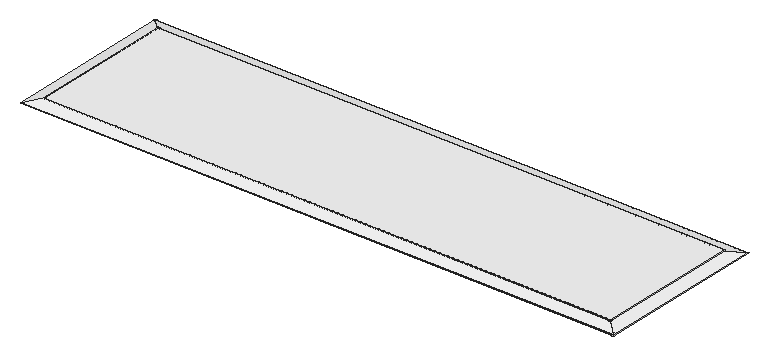
Revit family "NBS_COBAAfrica_EntMatt_DmAluminium", category Generic Models, host Face, Revit 2018
Family settings
  Host = Face
  Can host rebar = No
  Round Connector Dimension = Use Diameter
  Part Type = Normal
  Cut with Voids When Loaded = No
  Shared = No
  Room Calculation Point = No
Parameters (values of type "2000x500mm")
  WarrantyGuarantorLabor = "n/a"
  WarrantyDurationLabor = "n/a"
  Uniclass2015Version = "Products v1.15"
  Uniclass2015Title = "Entrance mats"
  Uniclass2015Code = "Pr_35_57_11_26"
  SurfaceInsertWidth = "±38 mm"
  SurfaceInsertOptions = "Woven Brush Charcoal, Berber Point Charcoal, Alba Anthracite"
  Pattern = "Aluminium channels with  inserts"
  MatwellEdgingWidth [instance] = 2.50 mm
  WarrantyStartDate [instance] = "1900-12-31T23:59:59"
  WarrantyGuarantorParts = "n/a"
  WarrantyDurationUnit = "year"
  WarrantyDurationParts = "n/a (dependent on application)"
  WarrantyDescription = "n/a"
  Version = "1"  # constant formula
  TrafficType = "Pedestrian, wheel chairs, pushchairs and trolleys"
  ThermalTransmittance = 0
  TagNumber [instance] = "n/a"
  SustainabilityPerformance = "n/a"
  SurfaceSpreadOfFlame = "n/a"
  Size = "n/a"
  Shape = "n/a"
  SerialNumber [instance] = "n/a"
  Revision = "n/a"
  ReplacementCost = "n/a"
  Reference = "n/a"
  RampedEdging [instance] = and(MattingSurface, EdgingRequired)  # yes
  ProductInformation = "https://www.matting.co.za/commercial/product/dm-aluminium/"
  NominalWidth = EntranceMattingWidth  # 2000.00 mm
  NominalLength = EntranceMattingLength  # 500.00 mm
  NominalHeight = EntranceMattingHeight  # 12.00 mm
  Name = "EntMatt_DmAluminium_COBAAfrica"
  NBSReference = "45-35-35/420"
  NBSDescription = "Entrance matting"
  NBSCertification = "n/a"
  ModelReference = "DM Aluminium"
  ModelNumber = "DM"
  MatwellEdging [instance] = and(MattingRecessed, EdgingRequired)  # no
  MattingHeight = "12 mm or to spec"
  Material = "Aluminium channels with Woven Brush, Berber Point or Alba inserts in polyamide"
  ManufacturerURL = "www.cobaafrica.com"
  ManufacturerName = "COBA Africa"  # constant formula
  LinkingJoints = "Aluminium sliding channels"
  IsExternal = no
  IntegralAccessoryOptions = "n/a"
  IntegralAccessories = "n/a"
  InstallationDate [instance] = "1900-12-31T23:59:59"
  IfcExportType = "FLOORING"  # constant formula
  IfcExportAs = "IfcCoveringType"  # constant formula
  HasNonSkidSurface = yes
  HasAntiStaticSurface = no
  Grade = "n/a"
  FragilityRating = "n/a"
  FlammabilityRating = "n/a"
  FireRating = "n/a"
  Finish = "n/a"
  Features = "n/a"
  ExpectedLife = "5 years plus if used in the correct environment for the volume and type of traffic as per specification"
  EdgingRequired [instance] = yes
  MattingSurface [instance] = yes
  MattingRecessed [instance] = not(MattingSurface)  # no
  MattingOffsetCalc [instance] = if(and(MattingSurface, not(EdgingRequired)), EntranceMattingHeight, if(and(MattingSurface, EdgingRequired), EntranceMattingHeight + 1.20 mm, 0.00 mm))  # 13.20 mm
  FloorRecessWidth [instance] = if(and(EdgingRequired, MattingRecessed), EntranceMattingWidth + (2 * MatwellEdgingWidth), EntranceMattingWidth)  # 2000.00 mm
  FloorRecessLength [instance] = if(and(EdgingRequired, MattingRecessed), EntranceMattingLength + (2 * MatwellEdgingWidth), EntranceMattingLength)  # 500.00 mm
  FloorRecessDepth [instance] = 25.00 mm
  Manufacturer = "sales@cobaafrica.com"  # constant formula
  MattingRecessCalc [instance] = if(and(MattingSurface, not(EdgingRequired)), EntranceMattingHeight + 0.50 mm, if(and(MattingSurface, EdgingRequired), EntranceMattingHeight + 1.70 mm, FloorRecessDepth))  # 13.70 mm
  EntranceMattingWidth = 2000.00 mm
  EntranceMattingMaterial = NBS_Concept
  EntranceMattingLength = 500.00 mm
  EntranceMattingHeight = 12.00 mm
  EdgingMaterial = NBS_Concept
  DurationUnit = "n/a"
  Description = "High-quality aluminium matting system for heavy-duty use"
  Default Elevation = 1200.00 mm
  Construction = "Closed design"
  Constituents = "n/a"
  Combustible = no
  Color = "n/a"
  CodePerformance = "n/a"
  Category = "n/a"
  CarpetColourOptions = "Charcoal, Anthracite"
  BaseMaterial = "High density PE60"
  BaseColour = "Aluminium"
  BarCode [instance] = "n/a"
  BIMObjectName = "NBS_COBAAfrica_EntranceMatting_DmAluminium"
  Author = "NBS"  # constant formula
  AssetType = "Fixed"
  AssetIdentifier [instance] = "n/a"
  ArrangementOptions = "Interior or exterior covered facility entrances in a mat well"
  Arrangement = "n/a"
  AcousticRating = "n/a"
  AccessibilityPerformance = "n/a"
Reference planes
  plane 1 "Center (Front/Back)": y = 0
  plane 2: z = 0
  plane 3 "Center (Left/Right)": x = 0
  plane 4: y = 250
  plane 5: y = -250
  plane 6: x = -1000
  plane 7: x = 1000
  plane 8 "MattingBottom": z = 1.2
  plane 9 "MattingTop": z = 13.2
  plane 10 "RecessBottom": z = -0.5
  plane 11: x = -1000
  plane 12: x = 1000
  plane 13: y = 250
  plane 14: y = -250
Forms (mm)
  Extrusion 1, solid, material "NBS_Concept" <- "EntranceMattingMaterial"
    sketch origin (-696.176, -4572, 1.2) x (-1, 0, 0) y (0, -1, 0)
      loop
        line (303.824, -4822) -> (303.824, -4322) -> (-1696.176, -4322) -> (-1696.176, -4822) -> (303.824, -4822)
    from 0 to 12
  Extrusion 2, void
    sketch origin (-696.176, -4572, 1.2) x (-1, 0, 0) y (0, -1, 0)
      loop
        line (303.824, -4822) -> (303.824, -4322) -> (-1696.176, -4322) -> (-1696.176, -4822) -> (303.824, -4822)
    from -1.7 to 12
  Sweep 3, solid, material "NBS_Concept" <- "EdgingMaterial", visible <- "RampedEdging"
    path in 3D
      loop
        line (-1000, 250, 1.2) -> (1000, 250, 1.2) -> (1000, -250, 1.2) -> (-1000, -250, 1.2) -> (-1000, 250, 1.2)
    profile origin (-1000, 0, 1.2) x (1, 0, 0) y (0, 0, -1)
      loop
        line (0, 0) -> (18, 0) -> (18, 1.2) -> (-46.339, 1.2)
        arc (-46.339, 1.2) -> (-46.996, 0.616) -> (-46.491, -0.104) r 0.661
        line (-46.491, -0.104) -> (-1.588, -10.672)
        arc (-1.588, -10.672) -> (-0.49, -10.428) -> (0, -9.415) r 1.292
        line (0, -9.415) -> (0, 0)
  Sweep 4, solid, material "NBS_Concept" <- "EdgingMaterial", visible <- "MatwellEdging"
    path in 3D
      loop
        line (-1000, 250, 1.2) -> (1000, 250, 1.2) -> (1000, -250, 1.2) -> (-1000, -250, 1.2) -> (-1000, 250, 1.2)
    profile origin (-1000, 0, 1.2) x (1, 0, 0) y (0, 0, -1)
      loop
        line (0, -12) -> (0, 0) -> (-2.5, 0) -> (-2.5, -12) -> (0, -12)
Lines and regions (mm)
  sketch lines
    curve 1: line (-1000, -250, 1.2) -> (-1000, 250, 1.2)
    curve 2: line (1000, -250, 1.2) -> (-1000, -250, 1.2)
    curve 3: line (-1000, 250, 1.2) -> (1000, 250, 1.2)
    curve 4: line (1000, 250, 1.2) -> (1000, -250, 1.2)
    curve 5: line (-1000, -250, 1.2) -> (-1000, 250, 1.2)
    curve 6: line (1000, -250, 1.2) -> (-1000, -250, 1.2)
    curve 7: line (-1000, 250, 1.2) -> (1000, 250, 1.2)
    curve 8: line (1000, 250, 1.2) -> (1000, -250, 1.2)
Dimensions and locks
  equal spacing: plane 4, plane 1 "Center (Front/Back)", plane 5
  "EntranceMattingLength": plane 4 to plane 5
  equal spacing: plane 6, plane 3 "Center (Left/Right)", plane 7
  "EntranceMattingWidth": plane 6 to plane 7
  "EntranceMattingHeight": plane 9 "MattingTop" to plane 8 "MattingBottom"
  "MattingOffsetCalc": plane 9 "MattingTop" to level
  "MattingRecessCalc": plane 9 "MattingTop" to plane 10 "RecessBottom"
  equal spacing: host sketch curve, plane 3 "Center (Left/Right)", host sketch curve
  "FloorRecessWidth": host sketch curve to host sketch curve
  equal spacing: host sketch curve, plane 1 "Center (Front/Back)", host sketch curve
  "FloorRecessLength": host sketch curve to host sketch curve
  locked: plane 6 to Sweep 3 sketch curve at 46.339
  locked: plane 8 "MattingBottom" to Sweep 3 sketch curve at 1.2
  equal spacing: plane 11, plane 3 "Center (Left/Right)", plane 12
  "FloorRecessWidth": plane 11 to plane 12
  equal spacing: plane 13, plane 1 "Center (Front/Back)", plane 14
  "FloorRecessLength": plane 13 to plane 14
  "MatwellEdgingWidth": Sweep 4 sketch curve to profile plane
  aligned and locked: plane 2 to host face
  aligned and locked: level to host face
  aligned and locked: plane 5 to Extrusion 1 sketch curve
  aligned and locked: Extrusion 1 sketch curve to plane 7
  aligned and locked: Extrusion 1 sketch curve to plane 4
  aligned and locked: plane 6 to Extrusion 1 sketch curve
  aligned and locked: Extrusion 1 to plane 8 "MattingBottom"
  aligned and locked: Extrusion 1 to plane 9 "MattingTop"
  aligned and locked: Extrusion 2 to plane 9 "MattingTop"
  aligned and locked: Extrusion 2 to plane 10 "RecessBottom"
  aligned and locked: plane 6 to Sweep 3 sketch curve
  aligned and locked: Sweep 3 sketch curve to plane 8 "MattingBottom"
  aligned and locked: Extrusion 2 sketch curve to plane 13
  aligned and locked: plane 11 to Extrusion 2 sketch curve
  aligned and locked: plane 14 to Extrusion 2 sketch curve
  aligned and locked: Extrusion 2 sketch curve to plane 12
  aligned and locked: Sweep 4 sketch curve to plane 8 "MattingBottom"
  aligned and locked: Sweep 4 sketch curve to plane 9 "MattingTop"
Automatic sketch dimensions
  Sweep 3 sketch curve to profile plane = 18.00 mm
  Sweep 3 sketch curve to profile plane = 9.415 mm
  Sweep 3 sketch curve to profile plane = 0.104 mm
  Sweep 3 sketch curve to Sweep 3 sketch curve = 0.151 mm
  profile plane to Sweep 3 sketch curve = 1.588 mm
  Sweep 3 sketch curve to Sweep 3 sketch curve = 0.296 mm
  profile plane to Sweep 4 sketch curve = 0.00 mm
